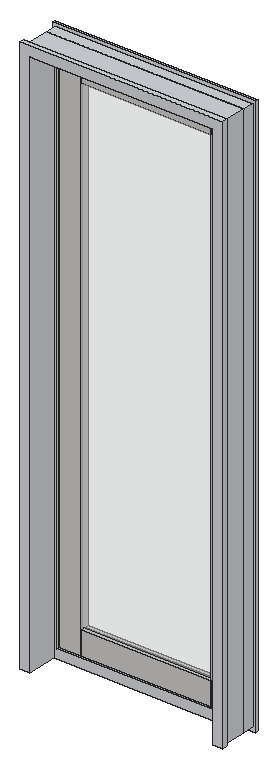
Revit family "APL Residential Thermal Heart Hinged Door Open In", category Doors, host Wall, Revit 2017 (continued)
Definition of nested family "APL Residential Thermal Heart Hinged Door Open In Horizontal Section"
  Definition of nested family "Open In Jamb&Hinge"
    Lines and regions (mm)
      detail lines, in view "Ref. Level"
        curve 56: line (45.421, -3.342, 0) -> (47.651, -3.342, 0)
        curve 57: line (47.852, -3.363, 0) -> (51.942, -4.204, 0)
        curve 58: line (52.939, -5.747, 0) -> (52.939, -6.842, 0)
        curve 59: line (51.939, -7.842, 0) -> (51.439, -7.842, 0)
        curve 60: line (51.439, -7.842, 0) -> (51.439, -12.791, 0)
        curve 61: line (51.116, -12.949, 0) -> (48.416, -11.599, 0)
        curve 62: line (48.354, -11.29, 0) -> (49.459, -10.006, 0)
        curve 63: arc (49.459, -10.006, 0) -> (49.592, -9.024, 0) -> (49.459, -8.042, 0) r 3.701
        curve 64: arc (51.116, -12.949, 0) -> (51.327, -12.971, 0) -> (51.439, -12.791, 0) r 0.2
        curve 65: arc (130.406, 37.44, 0) -> (130.546, 37.129, 0) -> (130.247, 36.967, 0) r 0.25
        curve 66: arc (120.359, 36.993, 0) -> (120.059, 37.156, 0) -> (120.199, 37.466, 0) r 0.25
        curve 67: line (130.247, 36.967, 0) -> (126.379, 37.961, 0)
        curve 68: line (126.379, 37.961, 0) -> (125.8, 36.958, 0)
        curve 69: line (125.8, 36.958, 0) -> (124.8, 36.958, 0)
        curve 70: line (124.8, 36.958, 0) -> (124.208, 37.983, 0)
        curve 71: line (124.208, 37.983, 0) -> (120.359, 36.993, 0)
        curve 72: line (120.199, 37.466, 0) -> (124.3, 39.19, 0)
        curve 73: line (124.3, 39.19, 0) -> (124.3, 40.458, 0)
        curve 74: line (124.3, 40.458, 0) -> (123.05, 40.458, 0)
        curve 75: line (123.05, 40.458, 0) -> (123.05, 41.458, 0)
        curve 76: line (123.05, 41.458, 0) -> (127.55, 41.458, 0)
        curve 77: line (127.55, 41.458, 0) -> (127.55, 40.458, 0)
        curve 78: line (127.55, 40.458, 0) -> (126.3, 40.458, 0)
        curve 79: line (126.3, 40.458, 0) -> (126.3, 39.166, 0)
        curve 80: line (126.3, 39.166, 0) -> (130.406, 37.44, 0)
    Nested families
      nested 1: "65210_Lock Stile" at (40.05, -3.342, 0) x (0, 1, 0) z (0, 0, 1), type "65210_Lock Stile", in view "Ref. Level"
      nested 2: "65300_Open In Frame" at (25.5, 0.7, 0) x (0, 1, 0) z (0, 0, 1), type "65300_Open In Frame", in view "Ref. Level"
    Definition of nested family "65210_Lock Stile"
      Reference planes
        plane 1 "Center (Front/Back)": y = 0
        plane 2: z = 0
        plane 3 "Center (Left/Right)": x = 0
      Lines and regions (mm)
        model lines, in view "Ref. Level"
          curve 1: arc (27.4, 64.45, 0) -> (27.272, 64.668, 0) -> (27.019, 64.663, 0) r 0.25
          curve 2: arc (26.934, 64.611, 0) -> (26.828, 64.479, 0) -> (26.831, 64.309, 0) r 0.25
          curve 3: arc (25.577, 63.544, 0) -> (25.502, 63.511, 0) -> (25.421, 63.5, 0) r 0.3
          curve 4: arc (24.9, 63.5, 0) -> (24.742, 63.578, 0) -> (24.706, 63.75, 0) r 0.2
          curve 5: arc (24.9, 67.753, 0) -> (24.874, 67.875, 0) -> (24.8, 67.976, 0) r 0.3
          curve 6: arc (24.8, 67.976, 0) -> (24.72, 68.307, 0) -> (25, 68.5, 0) r 0.3
          curve 7: arc (27.221, 67.957, 0) -> (27.31, 67.905, 0) -> (27.362, 67.816, 0) r 0.2
          curve 8: arc (27.407, 67.648, 0) -> (27.548, 67.507, 0) -> (27.741, 67.559, 0) r 0.2
          curve 9: arc (28.105, 67.922, 0) -> (28.165, 68.008, 0) -> (28.192, 68.108, 0) r 0.3
          curve 10: arc (28.399, 70.474, 0) -> (28.283, 70.738, 0) -> (27.997, 70.782, 0) r 0.3
          curve 11: arc (26.587, 70.268, 0) -> (26.461, 70.181, 0) -> (26.395, 70.043, 0) r 0.3
          curve 12: arc (26.395, 70.043, 0) -> (26.122, 69.801, 0) -> (25.817, 70, 0) r 0.3
          curve 13: arc (24.003, 70, 0) -> (23.295, 69.707, 0) -> (23.003, 69, 0) r 1
          curve 14: arc (23.003, 63.28, 0) -> (22.944, 63.139, 0) -> (22.803, 63.08, 0) r 0.2
          curve 15: arc (17.703, 63.08, 0) -> (17.561, 63.139, 0) -> (17.503, 63.28, 0) r 0.2
          curve 16: arc (17.503, 69, 0) -> (17.21, 69.707, 0) -> (16.503, 70, 0) r 1
          curve 17: arc (9.5, 70, 0) -> (9.359, 69.941, 0) -> (9.3, 69.8, 0) r 0.2
          curve 18: arc (9.3, 69.5, 0) -> (9.38, 69.2, 0) -> (9.6, 68.98, 0) r 0.6
          curve 19: arc (10.7, 68.345, 0) -> (10.773, 68.272, 0) -> (10.8, 68.172, 0) r 0.2
          curve 20: arc (10.8, 64.08, 0) -> (10.507, 63.373, 0) -> (9.8, 63.08, 0) r 1
          curve 21: arc (2.42, 63.08, 0) -> (1.721, 63.366, 0) -> (1.421, 64.06, 0) r 1
          curve 22: arc (1.322, 68.935, 0) -> (1.357, 69.052, 0) -> (1.453, 69.127, 0) r 0.2
          curve 23: arc (1.453, 69.127, 0) -> (1.621, 69.234, 0) -> (1.725, 69.403, 0) r 0.45
          curve 24: arc (1.725, 69.403, 0) -> (1.729, 69.522, 0) -> (1.665, 69.621, 0) r 0.2
          curve 25: arc (0.2, 70, 0) -> (0.059, 69.941, 0) -> (0, 69.8, 0) r 0.2
          curve 26: arc (0, 0.501, 0) -> (0.146, 0.147, 0) -> (0.5, 0, 0) r 0.5
          curve 27: arc (1, 0, 0) -> (1.354, 0.146, 0) -> (1.5, 0.5, 0) r 0.5
          curve 28: arc (1.5, 2.8, 0) -> (1.559, 2.941, 0) -> (1.7, 3, 0) r 0.2
          curve 29: arc (31.817, 3, 0) -> (32.122, 3.199, 0) -> (32.395, 2.957, 0) r 0.3
          curve 30: arc (32.395, 2.957, 0) -> (32.461, 2.819, 0) -> (32.587, 2.732, 0) r 0.3
          curve 31: arc (33.997, 2.218, 0) -> (34.283, 2.262, 0) -> (34.399, 2.526, 0) r 0.3
          curve 32: arc (34.192, 4.892, 0) -> (34.165, 4.992, 0) -> (34.105, 5.078, 0) r 0.3
          curve 33: arc (33.741, 5.441, 0) -> (33.548, 5.493, 0) -> (33.407, 5.352, 0) r 0.2
          curve 34: arc (33.362, 5.184, 0) -> (33.31, 5.095, 0) -> (33.221, 5.043, 0) r 0.2
          curve 35: arc (31, 4.5, 0) -> (30.72, 4.693, 0) -> (30.8, 5.024, 0) r 0.3
          curve 36: arc (30.8, 5.024, 0) -> (30.874, 5.125, 0) -> (30.9, 5.247, 0) r 0.3
          curve 37: arc (30.706, 9.25, 0) -> (30.742, 9.422, 0) -> (30.9, 9.5, 0) r 0.2
          curve 38: arc (31.421, 9.5, 0) -> (31.502, 9.489, 0) -> (31.577, 9.456, 0) r 0.3
          curve 39: arc (32.831, 8.691, 0) -> (32.828, 8.521, 0) -> (32.934, 8.389, 0) r 0.25
          curve 40: arc (33.02, 8.337, 0) -> (33.272, 8.332, 0) -> (33.4, 8.55, 0) r 0.25
          curve 41: arc (33.4, 11.2, 0) -> (33.341, 11.341, 0) -> (33.2, 11.4, 0) r 0.2
          curve 42: arc (30, 11.4, 0) -> (29.293, 11.107, 0) -> (29, 10.4, 0) r 1
          curve 43: arc (2.1, 4.6, 0) -> (1.746, 4.746, 0) -> (1.6, 5.1, 0) r 0.5
          curve 44: arc (1.6, 60.98, 0) -> (1.746, 61.334, 0) -> (2.1, 61.48, 0) r 0.5
          curve 45: arc (9.8, 61.48, 0) -> (11.638, 62.242, 0) -> (12.4, 64.08, 0) r 2.6
          curve 46: arc (12.4, 68.2, 0) -> (12.459, 68.341, 0) -> (12.6, 68.4, 0) r 0.2
          curve 47: arc (15.703, 68.4, 0) -> (15.844, 68.341, 0) -> (15.903, 68.2, 0) r 0.2
          curve 48: arc (15.903, 62, 0) -> (16.049, 61.646, 0) -> (16.403, 61.5, 0) r 0.5
          curve 49: arc (27.2, 61.5, 0) -> (27.341, 61.559, 0) -> (27.4, 61.7, 0) r 0.2
          curve 50: line (26.831, 64.309, 0) -> (25.577, 63.544, 0)
          curve 51: line (25.577, 63.544, 0) -> (24.9, 63.5, 0)
          curve 52: line (24.706, 63.75, 0) -> (24.894, 64.475, 0)
          curve 53: line (24.894, 64.475, 0) -> (24.9, 67.753, 0)
          curve 54: line (25.154, 68.5, 0) -> (27.221, 67.957, 0)
          curve 55: line (27.221, 67.957, 0) -> (27.407, 67.648, 0)
          curve 56: line (27.741, 67.559, 0) -> (28.105, 67.922, 0)
          curve 57: line (28.192, 68.108, 0) -> (28.399, 70.474, 0)
          curve 58: line (27.997, 70.782, 0) -> (26.587, 70.268, 0)
          curve 59: line (25.817, 70, 0) -> (24.003, 70, 0)
          curve 60: line (23.003, 69, 0) -> (23.003, 63.28, 0)
          curve 61: line (22.803, 63.08, 0) -> (17.703, 63.08, 0)
          curve 62: line (17.503, 63.28, 0) -> (17.503, 69, 0)
          curve 63: line (16.503, 70, 0) -> (9.5, 70, 0)
          curve 64: line (9.3, 69.8, 0) -> (9.3, 69.5, 0)
          curve 65: line (9.6, 68.98, 0) -> (10.7, 68.345, 0)
          curve 66: line (10.8, 68.172, 0) -> (10.8, 64.08, 0)
          curve 67: line (9.8, 63.08, 0) -> (2.42, 63.08, 0)
          curve 68: line (1.421, 64.06, 0) -> (1.322, 68.935, 0)
          curve 69: line (1.665, 69.621, 0) -> (1.269, 69.953, 0)
          curve 70: line (1.269, 69.953, 0) -> (0.2, 70, 0)
          curve 71: line (0, 69.8, 0) -> (0, 0.501, 0)
          curve 72: line (0.5, 0, 0) -> (1, 0, 0)
          curve 73: line (1.5, 0.5, 0) -> (1.5, 2.8, 0)
          curve 74: line (1.7, 3, 0) -> (17.6, 3, 0)
          curve 75: line (17.6, 3, 0) -> (18, 3.4, 0)
          curve 76: line (18, 3.4, 0) -> (18.4, 3, 0)
          curve 77: line (18.4, 3, 0) -> (19.6, 3, 0)
          curve 78: line (19.6, 3, 0) -> (20, 3.4, 0)
          curve 79: line (20, 3.4, 0) -> (20.4, 3, 0)
          curve 80: line (20.4, 3, 0) -> (31.817, 3, 0)
          curve 81: line (32.587, 2.732, 0) -> (33.997, 2.218, 0)
          curve 82: line (34.399, 2.526, 0) -> (34.192, 4.892, 0)
          curve 83: line (34.105, 5.078, 0) -> (33.741, 5.441, 0)
          curve 84: line (33.407, 5.352, 0) -> (33.362, 5.184, 0)
          curve 85: line (33.362, 5.184, 0) -> (31.232, 4.51, 0)
          curve 86: line (31.232, 4.51, 0) -> (31, 4.5, 0)
          curve 87: line (30.9, 5.247, 0) -> (30.9, 8.475, 0)
          curve 88: line (30.9, 8.475, 0) -> (30.706, 9.25, 0)
          curve 89: line (30.9, 9.5, 0) -> (31.421, 9.5, 0)
          curve 90: line (31.421, 9.5, 0) -> (32.831, 8.691, 0)
          curve 91: line (33.4, 8.55, 0) -> (33.4, 11.2, 0)
          curve 92: line (33.2, 11.4, 0) -> (30, 11.4, 0)
          curve 93: line (29, 10.4, 0) -> (29, 5.8, 0)
          curve 94: line (29, 5.8, 0) -> (23.5, 5.8, 0)
          curve 95: line (23.5, 5.8, 0) -> (22.3, 4.6, 0)
          curve 96: line (22.3, 4.6, 0) -> (15.7, 4.6, 0)
          curve 97: line (15.7, 4.6, 0) -> (14.5, 5.8, 0)
          curve 98: line (14.5, 5.8, 0) -> (9.5, 5.8, 0)
          curve 99: line (9.5, 5.8, 0) -> (8.3, 4.6, 0)
          curve 100: line (8.3, 4.6, 0) -> (2.1, 4.6, 0)
          curve 101: line (1.6, 5.1, 0) -> (1.6, 60.98, 0)
          curve 102: line (2.1, 61.48, 0) -> (9.8, 61.48, 0)
          curve 103: line (12.4, 64.08, 0) -> (12.4, 68.2, 0)
          curve 104: line (12.6, 68.4, 0) -> (15.703, 68.4, 0)
          curve 105: line (15.903, 68.2, 0) -> (15.903, 62, 0)
          curve 106: line (16.403, 61.5, 0) -> (19.603, 61.5, 0)
          curve 107: line (19.603, 61.5, 0) -> (20.003, 61.9, 0)
          curve 108: line (20.003, 61.9, 0) -> (20.403, 61.5, 0)
          curve 109: line (20.403, 61.5, 0) -> (27.2, 61.5, 0)
          curve 110: line (27.4, 61.7, 0) -> (27.4, 64.45, 0)
          curve 111: line (27.4, 64.45, 0) -> (27.4, 63.6, 0)
          curve 112: arc (41, 62.874, 0) -> (41.128, 62.385, 0) -> (41.479, 62.021, 0) r 1
          curve 113: arc (42.049, 61.673, 0) -> (42.174, 61.619, 0) -> (42.309, 61.6, 0) r 0.5
          curve 114: arc (44.9, 61.6, 0) -> (45.254, 61.746, 0) -> (45.4, 62.1, 0) r 0.5
          curve 115: arc (45.4, 68.091, 0) -> (45.455, 68.318, 0) -> (45.608, 68.496, 0) r 0.5
          curve 116: arc (45.608, 68.496, 0) -> (45.836, 68.687, 0) -> (46.035, 68.908, 0) r 2.1
          curve 117: arc (46.035, 68.908, 0) -> (46.21, 69.049, 0) -> (46.429, 69.1, 0) r 0.5
          curve 118: arc (49.6, 69.1, 0) -> (49.954, 68.954, 0) -> (50.1, 68.6, 0) r 0.5
          curve 119: arc (50.1, 15.4, 0) -> (49.954, 15.046, 0) -> (49.6, 14.9, 0) r 0.5
          curve 120: arc (45.3, 14.9, 0) -> (45.159, 14.841, 0) -> (45.1, 14.7, 0) r 0.2
          curve 121: arc (45.1, 13.1, 0) -> (45.159, 12.959, 0) -> (45.3, 12.9, 0) r 0.2
          curve 122: arc (49.9, 12.9, 0) -> (50.041, 12.841, 0) -> (50.1, 12.7, 0) r 0.2
          curve 123: arc (50.1, 11.7, 0) -> (50.041, 11.559, 0) -> (49.9, 11.5, 0) r 0.2
          curve 124: arc (48.473, 11.5, 0) -> (48.338, 11.481, 0) -> (48.212, 11.427, 0) r 0.5
          curve 125: arc (47.479, 10.979, 0) -> (47.128, 10.615, 0) -> (47, 10.126, 0) r 1
          curve 126: arc (47, 8.55, 0) -> (47.128, 8.332, 0) -> (47.38, 8.337, 0) r 0.25
          curve 127: arc (47.466, 8.389, 0) -> (47.572, 8.521, 0) -> (47.569, 8.691, 0) r 0.25
          curve 128: arc (48.823, 9.456, 0) -> (48.898, 9.489, 0) -> (48.979, 9.5, 0) r 0.3
          curve 129: arc (49.5, 9.5, 0) -> (49.658, 9.422, 0) -> (49.694, 9.25, 0) r 0.2
          curve 130: arc (49.5, 5.247, 0) -> (49.526, 5.125, 0) -> (49.6, 5.024, 0) r 0.3
          curve 131: arc (49.6, 5.024, 0) -> (49.68, 4.693, 0) -> (49.4, 4.5, 0) r 0.3
          curve 132: arc (47.179, 5.043, 0) -> (47.09, 5.095, 0) -> (47.038, 5.184, 0) r 0.2
          curve 133: arc (46.993, 5.352, 0) -> (46.852, 5.493, 0) -> (46.659, 5.441, 0) r 0.2
          curve 134: arc (46.295, 5.078, 0) -> (46.235, 4.992, 0) -> (46.208, 4.892, 0) r 0.3
          curve 135: arc (46.001, 2.526, 0) -> (46.117, 2.262, 0) -> (46.403, 2.218, 0) r 0.3
          curve 136: arc (47.813, 2.732, 0) -> (47.939, 2.819, 0) -> (48.005, 2.957, 0) r 0.3
          curve 137: arc (48.005, 2.957, 0) -> (48.278, 3.199, 0) -> (48.583, 3, 0) r 0.3
          curve 138: arc (50.5, 0.5, 0) -> (50.646, 0.146, 0) -> (51, 0, 0) r 0.5
          curve 139: arc (51.5, 0, 0) -> (51.854, 0.146, 0) -> (52, 0.5, 0) r 0.5
          curve 140: arc (52, 89.2, 0) -> (51.8, 89.4, 0) -> (51.6, 89.2, 0) r 0.2
          curve 141: arc (43, 89, 0) -> (42.646, 88.854, 0) -> (42.5, 88.5, 0) r 0.5
          curve 142: arc (42.5, 87.25, 0) -> (43, 86.75, 0) -> (43.5, 87.25, 0) r 0.5
          curve 143: arc (43.5, 87.8, 0) -> (43.559, 87.941, 0) -> (43.7, 88, 0) r 0.2
          curve 144: arc (44.8, 88, 0) -> (44.941, 87.941, 0) -> (45, 87.8, 0) r 0.2
          curve 145: arc (45, 82.7, 0) -> (44.941, 82.559, 0) -> (44.8, 82.5, 0) r 0.2
          curve 146: arc (43.7, 82.5, 0) -> (43.559, 82.559, 0) -> (43.5, 82.7, 0) r 0.2
          curve 147: arc (43.5, 83.25, 0) -> (43, 83.75, 0) -> (42.5, 83.25, 0) r 0.5
          curve 148: arc (42.5, 81.7, 0) -> (42.559, 81.559, 0) -> (42.7, 81.5, 0) r 0.2
          curve 149: arc (46, 81.5, 0) -> (46.354, 81.646, 0) -> (46.5, 82, 0) r 0.5
          curve 150: arc (46.5, 87, 0) -> (46.646, 87.354, 0) -> (47, 87.5, 0) r 0.5
          curve 151: arc (49.6, 87.5, 0) -> (49.954, 87.354, 0) -> (50.1, 87, 0) r 0.5
          curve 152: arc (50.1, 71.5, 0) -> (49.954, 71.146, 0) -> (49.6, 71, 0) r 0.5
          curve 153: arc (44.78, 71, 0) -> (44.639, 70.941, 0) -> (44.58, 70.8, 0) r 0.2
          curve 154: arc (44.58, 70.2, 0) -> (44.521, 70.059, 0) -> (44.38, 70, 0) r 0.2
          curve 155: arc (42.583, 70, 0) -> (42.278, 69.801, 0) -> (42.005, 70.043, 0) r 0.3
          curve 156: arc (42.005, 70.043, 0) -> (41.939, 70.181, 0) -> (41.813, 70.268, 0) r 0.3
          curve 157: arc (40.403, 70.782, 0) -> (40.117, 70.738, 0) -> (40.001, 70.474, 0) r 0.3
          curve 158: arc (40.208, 68.108, 0) -> (40.235, 68.008, 0) -> (40.295, 67.922, 0) r 0.3
          curve 159: arc (40.659, 67.559, 0) -> (40.852, 67.507, 0) -> (40.993, 67.648, 0) r 0.2
          curve 160: arc (41.038, 67.816, 0) -> (41.09, 67.905, 0) -> (41.179, 67.957, 0) r 0.2
          curve 161: arc (43.4, 68.5, 0) -> (43.68, 68.307, 0) -> (43.6, 67.976, 0) r 0.3
          curve 162: arc (43.6, 67.976, 0) -> (43.526, 67.875, 0) -> (43.5, 67.753, 0) r 0.3
          curve 163: arc (43.694, 63.75, 0) -> (43.658, 63.578, 0) -> (43.5, 63.5, 0) r 0.2
          curve 164: arc (42.979, 63.5, 0) -> (42.898, 63.511, 0) -> (42.823, 63.544, 0) r 0.3
          curve 165: arc (41.569, 64.309, 0) -> (41.572, 64.479, 0) -> (41.466, 64.611, 0) r 0.25
          curve 166: line (41, 64.45, 0) -> (41, 62.874, 0)
          curve 167: line (41.479, 62.021, 0) -> (42.049, 61.673, 0)
          curve 168: line (42.309, 61.6, 0) -> (44.9, 61.6, 0)
          curve 169: line (45.4, 62.1, 0) -> (45.4, 68.091, 0)
          curve 170: line (46.429, 69.1, 0) -> (49.6, 69.1, 0)
          curve 171: line (50.1, 68.6, 0) -> (50.1, 15.4, 0)
          curve 172: line (49.6, 14.9, 0) -> (45.3, 14.9, 0)
          curve 173: line (45.1, 14.7, 0) -> (45.1, 13.1, 0)
          curve 174: line (45.3, 12.9, 0) -> (49.9, 12.9, 0)
          curve 175: line (50.1, 12.7, 0) -> (50.1, 11.7, 0)
          curve 176: line (49.9, 11.5, 0) -> (48.473, 11.5, 0)
          curve 177: line (48.212, 11.427, 0) -> (47.479, 10.979, 0)
          curve 178: line (47, 10.126, 0) -> (47, 8.55, 0)
          curve 179: line (47.569, 8.691, 0) -> (48.823, 9.456, 0)
          curve 180: line (48.823, 9.456, 0) -> (49.5, 9.5, 0)
          curve 181: line (49.694, 9.25, 0) -> (49.506, 8.525, 0)
          curve 182: line (49.506, 8.525, 0) -> (49.5, 5.247, 0)
          curve 183: line (49.246, 4.5, 0) -> (47.179, 5.043, 0)
          curve 184: line (47.179, 5.043, 0) -> (46.993, 5.352, 0)
          curve 185: line (46.659, 5.441, 0) -> (46.295, 5.078, 0)
          curve 186: line (46.208, 4.892, 0) -> (46.001, 2.526, 0)
          curve 187: line (46.403, 2.218, 0) -> (47.813, 2.732, 0)
          curve 188: line (48.583, 3, 0) -> (50.5, 3, 0)
          curve 189: line (50.5, 3, 0) -> (50.5, 0.5, 0)
          curve 190: line (51, 0, 0) -> (51.5, 0, 0)
          curve 191: line (52, 0.5, 0) -> (52, 89.2, 0)
          curve 192: line (51.6, 89.2, 0) -> (51.6, 89, 0)
          curve 193: line (51.6, 89, 0) -> (43, 89, 0)
          curve 194: line (42.5, 88.5, 0) -> (42.5, 87.25, 0)
          curve 195: line (43.5, 87.25, 0) -> (43.5, 87.8, 0)
          curve 196: line (43.7, 88, 0) -> (44.8, 88, 0)
          curve 197: line (45, 87.8, 0) -> (45, 82.7, 0)
          curve 198: line (44.8, 82.5, 0) -> (43.7, 82.5, 0)
          curve 199: line (43.5, 82.7, 0) -> (43.5, 83.25, 0)
          curve 200: line (42.5, 83.25, 0) -> (42.5, 81.7, 0)
          curve 201: line (42.7, 81.5, 0) -> (46, 81.5, 0)
          curve 202: line (46.5, 82, 0) -> (46.5, 87, 0)
          curve 203: line (47, 87.5, 0) -> (49.6, 87.5, 0)
          curve 204: line (50.1, 87, 0) -> (50.1, 71.5, 0)
          curve 205: line (49.6, 71, 0) -> (44.78, 71, 0)
          curve 206: line (44.58, 70.8, 0) -> (44.58, 70.2, 0)
          curve 207: line (44.38, 70, 0) -> (42.583, 70, 0)
          curve 208: line (41.813, 70.268, 0) -> (40.403, 70.782, 0)
          curve 209: line (40.001, 70.474, 0) -> (40.208, 68.108, 0)
          curve 210: line (40.295, 67.922, 0) -> (40.659, 67.559, 0)
          curve 211: line (40.993, 67.648, 0) -> (41.038, 67.816, 0)
          curve 212: line (41.038, 67.816, 0) -> (43.168, 68.49, 0)
          curve 213: line (43.168, 68.49, 0) -> (43.4, 68.5, 0)
          curve 214: line (43.5, 67.753, 0) -> (43.5, 64.525, 0)
          curve 215: line (43.5, 64.525, 0) -> (43.694, 63.75, 0)
          curve 216: line (43.5, 63.5, 0) -> (42.979, 63.5, 0)
          curve 217: line (42.979, 63.5, 0) -> (41.569, 64.309, 0)
          curve 218: arc (41.38, 64.663, 0) -> (41.128, 64.668, 0) -> (41, 64.45, 0) r 0.25
          curve 219: arc (30.9, 8.561, 0) -> (31.017, 8.844, 0) -> (31.3, 8.961, 0) r 0.4
          curve 220: arc (31.593, 8.961, 0) -> (31.696, 8.947, 0) -> (31.793, 8.907, 0) r 0.4
          curve 221: arc (33.321, 8.022, 0) -> (33.611, 7.902, 0) -> (33.922, 7.861, 0) r 1.2
          curve 222: arc (34.845, 7.861, 0) -> (35.418, 7.68, 0) -> (35.784, 7.203, 0) r 1
          curve 223: arc (36.577, 5.024, 0) -> (36.724, 4.833, 0) -> (36.953, 4.761, 0) r 0.4
          curve 224: arc (43.447, 4.761, 0) -> (43.676, 4.833, 0) -> (43.823, 5.024, 0) r 0.4
          curve 225: arc (44.616, 7.203, 0) -> (44.982, 7.68, 0) -> (45.555, 7.861, 0) r 1
          curve 226: arc (46.478, 7.861, 0) -> (46.789, 7.902, 0) -> (47.079, 8.022, 0) r 1.2
          curve 227: arc (48.607, 8.907, 0) -> (48.704, 8.947, 0) -> (48.807, 8.961, 0) r 0.4
          curve 228: arc (49.1, 8.961, 0) -> (49.383, 8.844, 0) -> (49.5, 8.561, 0) r 0.4
          curve 229: arc (49.5, 5.161, 0) -> (49.383, 4.878, 0) -> (49.1, 4.761, 0) r 0.4
          curve 230: arc (48.807, 4.761, 0) -> (48.704, 4.775, 0) -> (48.607, 4.815, 0) r 0.4
          curve 231: arc (47.079, 5.699, 0) -> (46.785, 5.821, 0) -> (46.47, 5.861, 0) r 1.2
          curve 232: arc (46.47, 5.861, 0) -> (46.295, 5.808, 0) -> (46.184, 5.664, 0) r 0.3
          curve 233: arc (45.296, 3.224, 0) -> (45.149, 3.033, 0) -> (44.92, 2.961, 0) r 0.4
          curve 234: arc (35.48, 2.961, 0) -> (35.251, 3.033, 0) -> (35.104, 3.224, 0) r 0.4
          curve 235: arc (34.216, 5.664, 0) -> (34.105, 5.808, 0) -> (33.93, 5.861, 0) r 0.3
          curve 236: arc (33.93, 5.861, 0) -> (33.615, 5.821, 0) -> (33.321, 5.699, 0) r 1.2
          curve 237: arc (31.793, 4.815, 0) -> (31.696, 4.775, 0) -> (31.593, 4.761, 0) r 0.4
          curve 238: arc (31.3, 4.761, 0) -> (31.017, 4.878, 0) -> (30.9, 5.161, 0) r 0.4
          curve 239: line (31.3, 8.961, 0) -> (31.593, 8.961, 0)
          curve 240: line (31.793, 8.907, 0) -> (33.321, 8.022, 0)
          curve 241: line (33.922, 7.861, 0) -> (34.845, 7.861, 0)
          curve 242: line (35.784, 7.203, 0) -> (36.577, 5.024, 0)
          curve 243: line (36.953, 4.761, 0) -> (43.447, 4.761, 0)
          curve 244: line (43.823, 5.024, 0) -> (44.616, 7.203, 0)
          curve 245: line (45.555, 7.861, 0) -> (46.478, 7.861, 0)
          curve 246: line (47.079, 8.022, 0) -> (48.607, 8.907, 0)
          curve 247: line (48.807, 8.961, 0) -> (49.1, 8.961, 0)
          curve 248: line (49.5, 8.561, 0) -> (49.5, 5.161, 0)
          curve 249: line (49.1, 4.761, 0) -> (48.807, 4.761, 0)
          curve 250: line (48.607, 4.815, 0) -> (47.079, 5.699, 0)
          curve 251: line (46.184, 5.664, 0) -> (45.296, 3.224, 0)
          curve 252: line (44.92, 2.961, 0) -> (35.48, 2.961, 0)
          curve 253: line (35.104, 3.224, 0) -> (34.216, 5.664, 0)
          curve 254: line (33.321, 5.699, 0) -> (31.793, 4.815, 0)
          curve 255: line (31.593, 4.761, 0) -> (31.3, 4.761, 0)
          curve 256: line (30.9, 5.161, 0) -> (30.9, 8.561, 0)
          curve 257: arc (24.9, 64.439, 0) -> (25.017, 64.156, 0) -> (25.3, 64.039, 0) r 0.4
          curve 258: arc (25.593, 64.039, 0) -> (25.696, 64.053, 0) -> (25.793, 64.093, 0) r 0.4
          curve 259: arc (27.321, 64.978, 0) -> (27.611, 65.098, 0) -> (27.922, 65.139, 0) r 1.2
          curve 260: arc (28.845, 65.139, 0) -> (29.418, 65.32, 0) -> (29.784, 65.797, 0) r 1
          curve 261: arc (30.577, 67.976, 0) -> (30.724, 68.167, 0) -> (30.953, 68.239, 0) r 0.4
          curve 262: arc (37.447, 68.239, 0) -> (37.676, 68.167, 0) -> (37.823, 67.976, 0) r 0.4
          curve 263: arc (38.616, 65.797, 0) -> (38.982, 65.32, 0) -> (39.555, 65.139, 0) r 1
          curve 264: arc (40.478, 65.139, 0) -> (40.789, 65.098, 0) -> (41.079, 64.978, 0) r 1.2
          curve 265: arc (42.607, 64.093, 0) -> (42.704, 64.053, 0) -> (42.807, 64.039, 0) r 0.4
          curve 266: arc (43.1, 64.039, 0) -> (43.383, 64.156, 0) -> (43.5, 64.439, 0) r 0.4
          curve 267: arc (43.5, 67.839, 0) -> (43.383, 68.122, 0) -> (43.1, 68.239, 0) r 0.4
          curve 268: arc (42.807, 68.239, 0) -> (42.704, 68.225, 0) -> (42.607, 68.185, 0) r 0.4
          curve 269: arc (41.079, 67.301, 0) -> (40.785, 67.179, 0) -> (40.47, 67.139, 0) r 1.2
          curve 270: arc (40.47, 67.139, 0) -> (40.295, 67.192, 0) -> (40.184, 67.336, 0) r 0.3
          curve 271: arc (39.296, 69.776, 0) -> (39.149, 69.967, 0) -> (38.92, 70.039, 0) r 0.4
          curve 272: arc (29.48, 70.039, 0) -> (29.251, 69.967, 0) -> (29.104, 69.776, 0) r 0.4
          curve 273: arc (28.216, 67.336, 0) -> (28.105, 67.192, 0) -> (27.93, 67.139, 0) r 0.3
          curve 274: arc (27.93, 67.139, 0) -> (27.615, 67.179, 0) -> (27.321, 67.301, 0) r 1.2
          curve 275: arc (25.793, 68.185, 0) -> (25.696, 68.225, 0) -> (25.593, 68.239, 0) r 0.4
          curve 276: arc (25.3, 68.239, 0) -> (25.017, 68.122, 0) -> (24.9, 67.839, 0) r 0.4
          curve 277: line (25.3, 64.039, 0) -> (25.593, 64.039, 0)
          curve 278: line (25.793, 64.093, 0) -> (27.321, 64.978, 0)
          curve 279: line (27.922, 65.139, 0) -> (28.845, 65.139, 0)
          curve 280: line (29.784, 65.797, 0) -> (30.577, 67.976, 0)
          curve 281: line (30.953, 68.239, 0) -> (37.447, 68.239, 0)
          curve 282: line (37.823, 67.976, 0) -> (38.616, 65.797, 0)
          curve 283: line (39.555, 65.139, 0) -> (40.478, 65.139, 0)
          curve 284: line (41.079, 64.978, 0) -> (42.607, 64.093, 0)
          curve 285: line (42.807, 64.039, 0) -> (43.1, 64.039, 0)
          curve 286: line (43.5, 64.439, 0) -> (43.5, 67.839, 0)
          curve 287: line (43.1, 68.239, 0) -> (42.807, 68.239, 0)
          curve 288: line (42.607, 68.185, 0) -> (41.079, 67.301, 0)
          curve 289: line (40.184, 67.336, 0) -> (39.296, 69.776, 0)
          curve 290: line (38.92, 70.039, 0) -> (29.48, 70.039, 0)
          curve 291: line (29.104, 69.776, 0) -> (28.216, 67.336, 0)
          curve 292: line (27.321, 67.301, 0) -> (25.793, 68.185, 0)
          curve 293: line (25.593, 68.239, 0) -> (25.3, 68.239, 0)
          curve 294: line (24.9, 67.839, 0) -> (24.9, 64.439, 0)
      Text (mm)
        text "65210" at (8.097, 105.51, 0), in view "Ref. Level"
    Definition of nested family "65300_Open In Frame"
      Reference planes
        plane 1 "Center (Front/Back)": y = 0
        plane 2: z = 0
        plane 3 "Center (Left/Right)": x = 0
      Lines and regions (mm)
        model lines, in view "Ref. Level"
          curve 1: arc (41.813, -11.527, 0) -> (41.517, -11.698, 0) -> (41.4, -12.02, 0) r 0.5
          curve 2: arc (41.4, -13.4, 0) -> (41.341, -13.541, 0) -> (41.2, -13.6, 0) r 0.2
          curve 3: arc (16.255, -13.6, 0) -> (16.114, -13.541, 0) -> (16.055, -13.4, 0) r 0.2
          curve 4: arc (16.055, -8.6, 0) -> (16.114, -8.459, 0) -> (16.255, -8.4, 0) r 0.2
          curve 5: arc (16.9, -8.4, 0) -> (17.961, -7.961, 0) -> (18.4, -6.9, 0) r 1.5
          curve 6: arc (18.4, -2.6, 0) -> (18.459, -2.459, 0) -> (18.6, -2.4, 0) r 0.2
          curve 7: arc (23.2, -2.4, 0) -> (23.341, -2.341, 0) -> (23.4, -2.2, 0) r 0.2
          curve 8: arc (23.4, -1.6, 0) -> (23.459, -1.459, 0) -> (23.6, -1.4, 0) r 0.2
          curve 9: arc (33.4, -1.4, 0) -> (33.541, -1.459, 0) -> (33.6, -1.6, 0) r 0.2
          curve 10: arc (33.6, -2.2, 0) -> (33.659, -2.341, 0) -> (33.8, -2.4, 0) r 0.2
          curve 11: arc (38.4, -2.4, 0) -> (38.541, -2.341, 0) -> (38.6, -2.2, 0) r 0.2
          curve 12: arc (38.6, -1.6, 0) -> (38.659, -1.459, 0) -> (38.8, -1.4, 0) r 0.2
          curve 13: arc (39.375, -1.4, 0) -> (39.996, -1.318, 0) -> (40.575, -1.078, 0) r 2.4
          curve 14: arc (48.4, 2.4, 0) -> (48.541, 2.341, 0) -> (48.6, 2.2, 0) r 0.2
          curve 15: arc (48.6, -2.8, 0) -> (48.454, -3.154, 0) -> (48.1, -3.3, 0) r 0.5
          curve 16: arc (46, -3.3, 0) -> (45.01, -3.71, 0) -> (44.6, -4.7, 0) r 1.4
          curve 17: arc (44.6, -10.616, 0) -> (44.483, -10.938, 0) -> (44.187, -11.109, 0) r 0.5
          curve 18: arc (16.4, -1.5, 0) -> (16.68, -1.693, 0) -> (16.6, -2.024, 0) r 0.3
          curve 19: arc (16.6, -2.024, 0) -> (16.526, -2.125, 0) -> (16.5, -2.247, 0) r 0.3
          curve 20: arc (16.694, -6.25, 0) -> (16.658, -6.422, 0) -> (16.5, -6.5, 0) r 0.2
          curve 21: arc (15.979, -6.5, 0) -> (15.898, -6.489, 0) -> (15.823, -6.456, 0) r 0.3
          curve 22: arc (14.569, -5.691, 0) -> (14.572, -5.521, 0) -> (14.466, -5.389, 0) r 0.25
          curve 23: arc (14.38, -5.337, 0) -> (14.15, -5.321, 0) -> (14.005, -5.5, 0) r 0.25
          curve 24: arc (13.755, -5.5, 0) -> (13.614, -5.559, 0) -> (13.555, -5.7, 0) r 0.2
          curve 25: arc (13.555, -7.186, 0) -> (13.581, -7.284, 0) -> (13.651, -7.356, 0) r 0.2
          curve 26: arc (14.059, -7.606, 0) -> (14.129, -7.679, 0) -> (14.155, -7.776, 0) r 0.2
          curve 27: arc (15.056, -16.445, 0) -> (15.361, -16.746, 0) -> (15.787, -16.701, 0) r 0.5
          curve 28: arc (15.924, -16.617, 0) -> (16.074, -16.697, 0) -> (16.24, -16.663, 0) r 0.25
          curve 29: arc (16.326, -16.611, 0) -> (16.432, -16.479, 0) -> (16.429, -16.309, 0) r 0.25
          curve 30: arc (17.682, -15.544, 0) -> (17.758, -15.511, 0) -> (17.839, -15.5, 0) r 0.3
          curve 31: arc (18.36, -15.5, 0) -> (18.518, -15.578, 0) -> (18.554, -15.75, 0) r 0.2
          curve 32: arc (18.36, -19.753, 0) -> (18.386, -19.875, 0) -> (18.46, -19.976, 0) r 0.3
          curve 33: arc (18.46, -19.976, 0) -> (18.54, -20.307, 0) -> (18.26, -20.5, 0) r 0.3
          curve 34: arc (16.039, -19.957, 0) -> (15.95, -19.905, 0) -> (15.898, -19.816, 0) r 0.2
          curve 35: arc (15.853, -19.648, 0) -> (15.712, -19.507, 0) -> (15.519, -19.559, 0) r 0.2
          curve 36: arc (15.155, -19.922, 0) -> (15.095, -20.008, 0) -> (15.068, -20.108, 0) r 0.3
          curve 37: arc (14.861, -22.474, 0) -> (14.977, -22.738, 0) -> (15.263, -22.782, 0) r 0.3
          curve 38: arc (16.673, -22.268, 0) -> (16.799, -22.181, 0) -> (16.865, -22.043, 0) r 0.3
          curve 39: arc (16.865, -22.043, 0) -> (17.138, -21.801, 0) -> (17.443, -22, 0) r 0.3
          curve 40: arc (19.76, -22, 0) -> (20.114, -21.854, 0) -> (20.26, -21.5, 0) r 0.5
          curve 41: arc (20.26, -15.2, 0) -> (20.319, -15.059, 0) -> (20.46, -15, 0) r 0.2
          curve 42: arc (24.707, -15.057, 0) -> (24.868, -15.163, 0) -> (25.057, -15.2, 0) r 0.5
          curve 43: arc (34.743, -15.2, 0) -> (34.932, -15.164, 0) -> (35.093, -15.057, 0) r 0.485
          curve 44: arc (41.4, -15, 0) -> (42.39, -14.59, 0) -> (42.8, -13.6, 0) r 1.4
          curve 45: arc (42.8, -13.194, 0) -> (42.917, -12.873, 0) -> (43.213, -12.702, 0) r 0.5
          curve 46: arc (44.013, -12.561, 0) -> (44.421, -12.67, 0) -> (44.6, -13.053, 0) r 0.5
          curve 47: arc (44.6, -24.2, 0) -> (44.981, -25.119, 0) -> (45.9, -25.5, 0) r 1.3
          curve 48: arc (55.35, -25.5, 0) -> (56, -24.85, 0) -> (55.35, -24.2, 0) r 0.65
          curve 49: arc (49.5, -4.7, 0) -> (49.854, -4.554, 0) -> (50, -4.2, 0) r 0.5
          curve 50: arc (50, 7.5, 0) -> (49.707, 8.207, 0) -> (49, 8.5, 0) r 1
          curve 51: arc (46.6, 8.5, 0) -> (45.893, 8.207, 0) -> (45.6, 7.5, 0) r 1
          curve 52: arc (45.6, 7.4, 0) -> (45.688, 7.188, 0) -> (45.9, 7.1, 0) r 0.3
          curve 53: arc (48.4, 7.1, 0) -> (48.541, 7.041, 0) -> (48.6, 6.9, 0) r 0.2
          curve 54: arc (48.6, 4, 0) -> (48.541, 3.859, 0) -> (48.4, 3.8, 0) r 0.2
          curve 55: arc (46.6, 3.8, 0) -> (46.238, 3.752, 0) -> (45.9, 3.612, 0) r 1.4
          curve 56: arc (39.875, 0.134, 0) -> (39.634, 0.034, 0) -> (39.375, 0, 0) r 1
          curve 57: arc (15.583, 0, 0) -> (15.278, -0.199, 0) -> (15.005, 0.043, 0) r 0.3
          curve 58: arc (15.005, 0.043, 0) -> (14.939, 0.181, 0) -> (14.813, 0.268, 0) r 0.3
          curve 59: arc (13.403, 0.782, 0) -> (13.117, 0.738, 0) -> (13.001, 0.474, 0) r 0.3
          curve 60: arc (13.208, -1.892, 0) -> (13.235, -1.992, 0) -> (13.295, -2.078, 0) r 0.3
          curve 61: arc (13.659, -2.441, 0) -> (13.852, -2.493, 0) -> (13.993, -2.352, 0) r 0.2
          curve 62: line (41.4, -12.02, 0) -> (41.4, -13.4, 0)
          curve 63: line (41.2, -13.6, 0) -> (16.255, -13.6, 0)
          curve 64: line (16.055, -13.4, 0) -> (16.055, -8.6, 0)
          curve 65: line (16.255, -8.4, 0) -> (16.9, -8.4, 0)
          curve 66: line (18.4, -6.9, 0) -> (18.4, -2.6, 0)
          curve 67: line (18.6, -2.4, 0) -> (23.2, -2.4, 0)
          curve 68: line (23.4, -2.2, 0) -> (23.4, -1.6, 0)
          curve 69: line (23.6, -1.4, 0) -> (33.4, -1.4, 0)
          curve 70: line (33.6, -1.6, 0) -> (33.6, -2.2, 0)
          curve 71: line (33.8, -2.4, 0) -> (38.4, -2.4, 0)
          curve 72: line (38.6, -2.2, 0) -> (38.6, -1.6, 0)
          curve 73: line (38.8, -1.4, 0) -> (39.375, -1.4, 0)
          curve 74: line (40.575, -1.078, 0) -> (46.554, 2.373, 0)
          curve 75: line (46.554, 2.373, 0) -> (48.4, 2.4, 0)
          curve 76: line (48.6, 2.2, 0) -> (48.6, -2.8, 0)
          curve 77: line (48.1, -3.3, 0) -> (46, -3.3, 0)
          curve 78: line (44.6, -4.7, 0) -> (44.6, -10.616, 0)
          curve 79: line (44.187, -11.109, 0) -> (41.813, -11.527, 0)
          curve 80: line (13.993, -2.352, 0) -> (14.179, -2.043, 0)
          curve 81: line (14.179, -2.043, 0) -> (16.168, -1.51, 0)
          curve 82: line (16.168, -1.51, 0) -> (16.4, -1.5, 0)
          curve 83: line (16.5, -2.247, 0) -> (16.5, -5.475, 0)
          curve 84: line (16.5, -5.475, 0) -> (16.694, -6.25, 0)
          curve 85: line (16.5, -6.5, 0) -> (15.979, -6.5, 0)
          curve 86: line (15.979, -6.5, 0) -> (14.569, -5.691, 0)
          curve 87: line (14.005, -5.5, 0) -> (13.755, -5.5, 0)
          curve 88: line (13.555, -5.7, 0) -> (13.555, -7.186, 0)
          curve 89: line (13.651, -7.356, 0) -> (14.059, -7.606, 0)
          curve 90: line (14.155, -7.776, 0) -> (14.155, -13.934, 0)
          curve 91: line (14.155, -13.934, 0) -> (15.056, -16.445, 0)
          curve 92: line (15.787, -16.701, 0) -> (15.924, -16.617, 0)
          curve 93: line (16.429, -16.309, 0) -> (17.682, -15.544, 0)
          curve 94: line (17.682, -15.544, 0) -> (18.36, -15.5, 0)
          curve 95: line (18.554, -15.75, 0) -> (18.366, -16.475, 0)
          curve 96: line (18.366, -16.475, 0) -> (18.36, -19.753, 0)
          curve 97: line (18.106, -20.5, 0) -> (16.039, -19.957, 0)
          curve 98: line (16.039, -19.957, 0) -> (15.853, -19.648, 0)
          curve 99: line (15.519, -19.559, 0) -> (15.155, -19.922, 0)
          curve 100: line (15.068, -20.108, 0) -> (14.861, -22.474, 0)
          curve 101: line (15.263, -22.782, 0) -> (16.673, -22.268, 0)
          curve 102: line (17.443, -22, 0) -> (19.76, -22, 0)
          curve 103: line (20.26, -21.5, 0) -> (20.26, -15.2, 0)
          curve 104: line (20.46, -15, 0) -> (24.567, -15, 0)
          curve 105: line (25.057, -15.2, 0) -> (29.5, -15.2, 0)
          curve 106: line (29.5, -15.2, 0) -> (29.9, -14.8, 0)
          curve 107: line (29.9, -14.8, 0) -> (30.3, -15.2, 0)
          curve 108: line (30.3, -15.2, 0) -> (34.743, -15.2, 0)
          curve 109: line (35.233, -15, 0) -> (41.4, -15, 0)
          curve 110: line (42.8, -13.6, 0) -> (42.8, -13.194, 0)
          curve 111: line (43.213, -12.702, 0) -> (44.013, -12.561, 0)
          curve 112: line (44.6, -13.053, 0) -> (44.6, -24.2, 0)
          curve 113: line (45.9, -25.5, 0) -> (47.7, -25.5, 0)
          curve 114: line (47.7, -25.5, 0) -> (48, -25.2, 0)
          curve 115: line (48, -25.2, 0) -> (53.25, -25.2, 0)
          curve 116: line (53.25, -25.2, 0) -> (53.55, -25.5, 0)
          curve 117: line (53.55, -25.5, 0) -> (55.35, -25.5, 0)
          curve 118: line (55.35, -24.2, 0) -> (46, -24.2, 0)
          curve 119: line (46, -24.2, 0) -> (46, -4.7, 0)
          curve 120: line (46, -4.7, 0) -> (49.5, -4.7, 0)
          curve 121: line (50, -4.2, 0) -> (50, 7.5, 0)
          curve 122: line (49, 8.5, 0) -> (46.6, 8.5, 0)
          curve 123: line (45.9, 7.1, 0) -> (48.4, 7.1, 0)
          curve 124: line (48.6, 6.9, 0) -> (48.6, 4, 0)
          curve 125: line (48.4, 3.8, 0) -> (46.6, 3.8, 0)
          curve 126: line (45.9, 3.612, 0) -> (39.875, 0.134, 0)
          curve 127: line (39.375, 0, 0) -> (36.5, 0, 0)
          curve 128: line (36.5, 0, 0) -> (36.1, -0.4, 0)
          curve 129: line (36.1, -0.4, 0) -> (35.7, 0, 0)
          curve 130: line (35.7, 0, 0) -> (25.9, 0, 0)
          curve 131: line (25.9, 0, 0) -> (25.5, -0.4, 0)
          curve 132: line (25.5, -0.4, 0) -> (25.1, 0, 0)
          curve 133: line (25.1, 0, 0) -> (15.583, 0, 0)
          curve 134: line (14.813, 0.268, 0) -> (13.403, 0.782, 0)
          curve 135: line (13.001, 0.474, 0) -> (13.208, -1.892, 0)
          curve 136: line (13.295, -2.078, 0) -> (13.659, -2.441, 0)
          curve 137: arc (14.038, -2.184, 0) -> (14.09, -2.095, 0) -> (14.179, -2.043, 0) r 0.2
          curve 138: arc (-0.24, -19.661, 0) -> (-0.123, -19.944, 0) -> (0.16, -20.061, 0) r 0.4
          curve 139: arc (0.453, -20.061, 0) -> (0.556, -20.047, 0) -> (0.653, -20.007, 0) r 0.4
          curve 140: arc (2.181, -19.122, 0) -> (2.471, -19.002, 0) -> (2.782, -18.961, 0) r 1.2
          curve 141: arc (3.705, -18.961, 0) -> (4.278, -18.78, 0) -> (4.644, -18.303, 0) r 1
          curve 142: arc (5.437, -16.124, 0) -> (5.584, -15.933, 0) -> (5.813, -15.861, 0) r 0.4
          curve 143: arc (12.307, -15.861, 0) -> (12.536, -15.933, 0) -> (12.683, -16.124, 0) r 0.4
          curve 144: arc (13.476, -18.303, 0) -> (13.842, -18.78, 0) -> (14.415, -18.961, 0) r 1
          curve 145: arc (15.338, -18.961, 0) -> (15.649, -19.002, 0) -> (15.939, -19.122, 0) r 1.2
          curve 146: arc (17.467, -20.007, 0) -> (17.564, -20.047, 0) -> (17.667, -20.061, 0) r 0.4
          curve 147: arc (17.96, -20.061, 0) -> (18.243, -19.944, 0) -> (18.36, -19.661, 0) r 0.4
          curve 148: arc (18.36, -16.261, 0) -> (18.243, -15.978, 0) -> (17.96, -15.861, 0) r 0.4
          curve 149: arc (17.667, -15.861, 0) -> (17.564, -15.875, 0) -> (17.467, -15.915, 0) r 0.4
          curve 150: arc (15.939, -16.799, 0) -> (15.645, -16.921, 0) -> (15.33, -16.961, 0) r 1.2
          curve 151: arc (15.33, -16.961, 0) -> (15.155, -16.908, 0) -> (15.044, -16.764, 0) r 0.3
          curve 152: arc (14.156, -14.324, 0) -> (14.009, -14.133, 0) -> (13.78, -14.061, 0) r 0.4
          curve 153: arc (4.34, -14.061, 0) -> (4.111, -14.133, 0) -> (3.964, -14.324, 0) r 0.4
          curve 154: arc (3.076, -16.764, 0) -> (2.965, -16.908, 0) -> (2.79, -16.961, 0) r 0.3
          curve 155: arc (2.79, -16.961, 0) -> (2.475, -16.921, 0) -> (2.181, -16.799, 0) r 1.2
          curve 156: arc (0.653, -15.915, 0) -> (0.556, -15.875, 0) -> (0.453, -15.861, 0) r 0.4
          curve 157: arc (0.16, -15.861, 0) -> (-0.123, -15.978, 0) -> (-0.24, -16.261, 0) r 0.4
          curve 158: line (0.16, -20.061, 0) -> (0.453, -20.061, 0)
          curve 159: line (0.653, -20.007, 0) -> (2.181, -19.122, 0)
          curve 160: line (2.782, -18.961, 0) -> (3.705, -18.961, 0)
          curve 161: line (4.644, -18.303, 0) -> (5.437, -16.124, 0)
          curve 162: line (5.813, -15.861, 0) -> (12.307, -15.861, 0)
          curve 163: line (12.683, -16.124, 0) -> (13.476, -18.303, 0)
          curve 164: line (14.415, -18.961, 0) -> (15.338, -18.961, 0)
          curve 165: line (15.939, -19.122, 0) -> (17.467, -20.007, 0)
          curve 166: line (17.667, -20.061, 0) -> (17.96, -20.061, 0)
          curve 167: line (18.36, -19.661, 0) -> (18.36, -16.261, 0)
          curve 168: line (17.96, -15.861, 0) -> (17.667, -15.861, 0)
          curve 169: line (17.467, -15.915, 0) -> (15.939, -16.799, 0)
          curve 170: line (15.044, -16.764, 0) -> (14.156, -14.324, 0)
          curve 171: line (13.78, -14.061, 0) -> (4.34, -14.061, 0)
          curve 172: line (3.964, -14.324, 0) -> (3.076, -16.764, 0)
          curve 173: line (2.181, -16.799, 0) -> (0.653, -15.915, 0)
          curve 174: line (0.453, -15.861, 0) -> (0.16, -15.861, 0)
          curve 175: line (-0.24, -16.261, 0) -> (-0.24, -19.661, 0)
          curve 176: arc (-2.1, -5.6, 0) -> (-1.983, -5.883, 0) -> (-1.7, -6, 0) r 0.4
          curve 177: arc (-1.407, -6, 0) -> (-1.304, -5.986, 0) -> (-1.207, -5.946, 0) r 0.4
          curve 178: arc (0.321, -5.061, 0) -> (0.611, -4.941, 0) -> (0.922, -4.9, 0) r 1.2
          curve 179: arc (1.845, -4.9, 0) -> (2.418, -4.719, 0) -> (2.784, -4.242, 0) r 1
          curve 180: arc (3.577, -2.063, 0) -> (3.724, -1.872, 0) -> (3.953, -1.8, 0) r 0.4
          curve 181: arc (10.447, -1.8, 0) -> (10.676, -1.872, 0) -> (10.823, -2.063, 0) r 0.4
          curve 182: arc (11.616, -4.242, 0) -> (11.982, -4.719, 0) -> (12.555, -4.9, 0) r 1
          curve 183: arc (13.478, -4.9, 0) -> (13.789, -4.941, 0) -> (14.079, -5.061, 0) r 1.2
          curve 184: arc (15.607, -5.946, 0) -> (15.704, -5.986, 0) -> (15.807, -6, 0) r 0.4
          curve 185: arc (16.1, -6, 0) -> (16.383, -5.883, 0) -> (16.5, -5.6, 0) r 0.4
          curve 186: arc (16.5, -2.2, 0) -> (16.383, -1.917, 0) -> (16.1, -1.8, 0) r 0.4
          curve 187: arc (15.807, -1.8, 0) -> (15.704, -1.814, 0) -> (15.607, -1.854, 0) r 0.4
          curve 188: arc (14.079, -2.739, 0) -> (13.785, -2.86, 0) -> (13.47, -2.9, 0) r 1.2
          curve 189: arc (13.47, -2.9, 0) -> (13.295, -2.847, 0) -> (13.184, -2.703, 0) r 0.3
          curve 190: arc (12.296, -0.263, 0) -> (12.149, -0.072, 0) -> (11.92, 0, 0) r 0.4
          curve 191: arc (2.48, 0, 0) -> (2.251, -0.072, 0) -> (2.104, -0.263, 0) r 0.4
          curve 192: arc (1.216, -2.703, 0) -> (1.105, -2.847, 0) -> (0.93, -2.9, 0) r 0.3
          curve 193: arc (0.93, -2.9, 0) -> (0.615, -2.86, 0) -> (0.321, -2.739, 0) r 1.2
          curve 194: arc (-1.207, -1.854, 0) -> (-1.304, -1.814, 0) -> (-1.407, -1.8, 0) r 0.4
          curve 195: arc (-1.7, -1.8, 0) -> (-1.983, -1.917, 0) -> (-2.1, -2.2, 0) r 0.4
          curve 196: line (-1.7, -6, 0) -> (-1.407, -6, 0)
          curve 197: line (-1.207, -5.946, 0) -> (0.321, -5.061, 0)
          curve 198: line (0.922, -4.9, 0) -> (1.845, -4.9, 0)
          curve 199: line (2.784, -4.242, 0) -> (3.577, -2.063, 0)
          curve 200: line (3.953, -1.8, 0) -> (10.447, -1.8, 0)
          curve 201: line (10.823, -2.063, 0) -> (11.616, -4.242, 0)
          curve 202: line (12.555, -4.9, 0) -> (13.478, -4.9, 0)
          curve 203: line (14.079, -5.061, 0) -> (15.607, -5.946, 0)
          curve 204: line (15.807, -6, 0) -> (16.1, -6, 0)
          curve 205: line (16.5, -5.6, 0) -> (16.5, -2.2, 0)
          curve 206: line (16.1, -1.8, 0) -> (15.807, -1.8, 0)
          curve 207: line (15.607, -1.854, 0) -> (14.079, -2.739, 0)
          curve 208: line (13.184, -2.703, 0) -> (12.296, -0.263, 0)
          curve 209: line (11.92, 0, 0) -> (2.48, 0, 0)
          curve 210: line (2.104, -0.263, 0) -> (1.216, -2.703, 0)
          curve 211: line (0.321, -2.739, 0) -> (-1.207, -1.854, 0)
          curve 212: line (-1.407, -1.8, 0) -> (-1.7, -1.8, 0)
          curve 213: line (-2.1, -2.2, 0) -> (-2.1, -5.6, 0)
          curve 214: arc (-15.5, 27, 0) -> (-15.351, 27.351, 0) -> (-15, 27.5, 0) r 0.508
          curve 215: arc (-8.7, 27.5, 0) -> (-8.559, 27.441, 0) -> (-8.5, 27.3, 0) r 0.2
          curve 216: arc (-8.5, 26.1, 0) -> (-8.559, 25.959, 0) -> (-8.7, 25.9, 0) r 0.2
          curve 217: arc (-13.8, 25.9, 0) -> (-13.941, 25.841, 0) -> (-14, 25.7, 0) r 0.2
          curve 218: arc (-14, 22.6, 0) -> (-13.941, 22.459, 0) -> (-13.8, 22.4, 0) r 0.2
          curve 219: arc (-10.5, 23.15, 0) -> (-10.346, 23.381, 0) -> (-10.073, 23.327, 0) r 0.25
          curve 220: arc (-8.5, 19.1, 0) -> (-8.559, 18.959, 0) -> (-8.7, 18.9, 0) r 0.2
          curve 221: arc (-8.7, 18.9, 0) -> (-9.266, 19.134, 0) -> (-9.5, 19.7, 0) r 0.8
          curve 222: arc (-9.5, 20.8, 0) -> (-9.559, 20.941, 0) -> (-9.7, 21, 0) r 0.2
          curve 223: arc (-11.9, 20.4, 0) -> (-12.3, 20, 0) -> (-12.7, 20.4, 0) r 0.4
          curve 224: arc (-11.7, 8, 0) -> (-11.554, 8.354, 0) -> (-11.2, 8.5, 0) r 0.5
          curve 225: arc (-9.5, 8.5, 0) -> (-8.793, 8.207, 0) -> (-8.5, 7.5, 0) r 1
          curve 226: arc (-8.5, 7.4, 0) -> (-8.588, 7.188, 0) -> (-8.8, 7.1, 0) r 0.3
          curve 227: arc (-10.217, 7.1, 0) -> (-10.329, 7.066, 0) -> (-10.402, 6.975, 0) r 0.2
          curve 228: arc (-10.402, 6.975, 0) -> (-10.917, 6.339, 0) -> (-11.7, 6.1, 0) r 1.4
          curve 229: arc (-13.8, 6.1, 0) -> (-13.941, 6.041, 0) -> (-14, 5.9, 0) r 0.2
          curve 230: arc (-14, 1, 0) -> (-13.707, 0.293, 0) -> (-13, 0, 0) r 1
          curve 231: arc (-1.183, 0, 0) -> (-0.878, -0.199, 0) -> (-0.605, 0.043, 0) r 0.3
          curve 232: arc (-0.605, 0.043, 0) -> (-0.539, 0.181, 0) -> (-0.413, 0.268, 0) r 0.3
          curve 233: arc (0.997, 0.782, 0) -> (1.283, 0.738, 0) -> (1.399, 0.474, 0) r 0.3
          curve 234: arc (1.192, -1.892, 0) -> (1.165, -1.992, 0) -> (1.105, -2.078, 0) r 0.3
          curve 235: arc (0.741, -2.441, 0) -> (0.548, -2.493, 0) -> (0.407, -2.352, 0) r 0.2
          curve 236: arc (0.362, -2.184, 0) -> (0.31, -2.095, 0) -> (0.221, -2.043, 0) r 0.2
          curve 237: arc (-2, -1.5, 0) -> (-2.28, -1.693, 0) -> (-2.2, -2.024, 0) r 0.3
          curve 238: arc (-2.2, -2.024, 0) -> (-2.126, -2.125, 0) -> (-2.1, -2.247, 0) r 0.3
          curve 239: arc (-2.294, -6.25, 0) -> (-2.258, -6.422, 0) -> (-2.1, -6.5, 0) r 0.2
          curve 240: arc (-1.579, -6.5, 0) -> (-1.498, -6.489, 0) -> (-1.423, -6.456, 0) r 0.3
          curve 241: arc (-0.169, -5.691, 0) -> (-0.172, -5.521, 0) -> (-0.066, -5.389, 0) r 0.25
          curve 242: arc (0.02, -5.337, 0) -> (0.25, -5.321, 0) -> (0.395, -5.5, 0) r 0.25
          curve 243: arc (0.645, -5.5, 0) -> (0.786, -5.559, 0) -> (0.845, -5.7, 0) r 0.2
          curve 244: arc (0.845, -13.8, 0) -> (0.904, -13.941, 0) -> (1.045, -14, 0) r 0.2
          curve 245: arc (3.668, -14, 0) -> (3.832, -14.085, 0) -> (3.856, -14.268, 0) r 0.2
          curve 246: arc (3.163, -16.171, 0) -> (2.98, -16.41, 0) -> (2.694, -16.5, 0) r 0.5
          curve 247: arc (2.255, -16.5, 0) -> (2.11, -16.679, 0) -> (1.88, -16.663, 0) r 0.25
          curve 248: arc (1.794, -16.611, 0) -> (1.688, -16.479, 0) -> (1.691, -16.309, 0) r 0.25
          curve 249: arc (0.438, -15.544, 0) -> (0.362, -15.511, 0) -> (0.281, -15.5, 0) r 0.3
          curve 250: arc (-0.24, -15.5, 0) -> (-0.398, -15.578, 0) -> (-0.434, -15.75, 0) r 0.2
          curve 251: arc (-0.24, -19.753, 0) -> (-0.266, -19.875, 0) -> (-0.34, -19.976, 0) r 0.3
          curve 252: arc (-0.34, -19.976, 0) -> (-0.42, -20.307, 0) -> (-0.14, -20.5, 0) r 0.3
          curve 253: arc (2.081, -19.957, 0) -> (2.17, -19.905, 0) -> (2.222, -19.816, 0) r 0.2
          curve 254: arc (2.267, -19.648, 0) -> (2.408, -19.507, 0) -> (2.601, -19.559, 0) r 0.2
          curve 255: arc (2.965, -19.922, 0) -> (3.025, -20.008, 0) -> (3.052, -20.108, 0) r 0.3
          curve 256: arc (3.259, -22.474, 0) -> (3.143, -22.738, 0) -> (2.857, -22.782, 0) r 0.3
          curve 257: arc (1.447, -22.268, 0) -> (1.321, -22.181, 0) -> (1.255, -22.043, 0) r 0.3
          curve 258: arc (1.255, -22.043, 0) -> (0.982, -21.801, 0) -> (0.677, -22, 0) r 0.3
          curve 259: arc (0.2, -22, 0) -> (0.059, -22.059, 0) -> (0, -22.2, 0) r 0.2
          curve 260: arc (0, -27.301, 0) -> (-0.107, -27.836, 0) -> (-0.41, -28.291, 0) r 1.4
          curve 261: arc (-5.407, -33.287, 0) -> (-5.624, -33.612, 0) -> (-5.7, -33.995, 0) r 1
          curve 262: arc (-5.7, -39.659, 0) -> (-5.623, -39.816, 0) -> (-5.452, -39.853, 0) r 0.2
          curve 263: arc (-5.452, -39.853, 0) -> (-4.643, -40.177, 0) -> (-4.687, -41.048, 0) r 0.75
          curve 264: arc (-4.687, -41.048, 0) -> (-5.025, -42.005, 0) -> (-4.687, -42.962, 0) r 1.525
          curve 265: arc (-4.687, -42.962, 0) -> (-4.594, -43.113, 0) -> (-4.539, -43.281, 0) r 0.75
          curve 266: arc (-4.539, -43.281, 0) -> (-4.442, -43.492, 0) -> (-4.26, -43.636, 0) r 0.5
          curve 267: arc (-4.26, -43.636, 0) -> (-3.5, -43.805, 0) -> (-2.74, -43.637, 0) r 1.8
          curve 268: arc (-2.74, -43.637, 0) -> (-2.558, -43.492, 0) -> (-2.461, -43.28, 0) r 0.5
          curve 269: arc (-2.461, -43.28, 0) -> (-2.406, -43.112, 0) -> (-2.312, -42.961, 0) r 0.737
          curve 270: arc (-2.312, -42.961, 0) -> (-1.975, -42.005, 0) -> (-2.312, -41.049, 0) r 1.525
          curve 271: arc (-2.312, -41.049, 0) -> (-2.2, -40.012, 0) -> (-1.163, -40.124, 0) r 0.737
          curve 272: arc (-1.163, -40.124, 0) -> (-0.507, -41.796, 0) -> (-0.924, -43.544, 0) r 3
          curve 273: arc (-0.924, -43.544, 0) -> (-0.93, -44.047, 0) -> (-0.495, -44.3, 0) r 0.5
          curve 274: arc (-0.2, -44.3, 0) -> (-0.059, -44.359, 0) -> (0, -44.5, 0) r 0.2
          curve 275: arc (0, -45.3, 0) -> (-0.059, -45.441, 0) -> (-0.2, -45.5, 0) r 0.2
          curve 276: arc (-6, -45.5, 0) -> (-6.707, -45.207, 0) -> (-7, -44.5, 0) r 1
          curve 277: arc (-7, -35.563, 0) -> (-7.281, -34.295, 0) -> (-8.072, -33.265, 0) r 3
          curve 278: arc (-14.428, -27.931, 0) -> (-15.219, -26.9, 0) -> (-15.5, -25.63, 0) r 3
          curve 279: arc (-13.102, -1.4, 0) -> (-13.808, -1.693, 0) -> (-14.1, -2.4, 0) r 1
          curve 280: arc (-14.1, -25.631, 0) -> (-13.951, -26.308, 0) -> (-13.528, -26.859, 0) r 1.6
          curve 281: arc (-7.044, -32.3, 0) -> (-6.701, -32.416, 0) -> (-6.369, -32.27, 0) r 0.5
          curve 282: arc (-1.693, -27.594, 0) -> (-1.476, -27.269, 0) -> (-1.4, -26.886, 0) r 1
          curve 283: arc (-1.4, -22.466, 0) -> (-1.503, -22.161, 0) -> (-1.77, -21.983, 0) r 0.5
          curve 284: arc (-1.77, -21.983, 0) -> (-2.037, -21.804, 0) -> (-2.14, -21.5, 0) r 0.5
          curve 285: arc (-2.14, -15, 0) -> (-1.88, -14.328, 0) -> (-1.236, -14.005, 0) r 1
          curve 286: arc (-1.236, -14.005, 0) -> (-1.107, -13.94, 0) -> (-1.055, -13.806, 0) r 0.2
          curve 287: arc (-1.055, -8.9, 0) -> (-1.201, -8.546, 0) -> (-1.555, -8.4, 0) r 0.5
          curve 288: arc (-2.5, -8.4, 0) -> (-3.617, -8.073, 0) -> (-4.1, -7.014, 0) r 1.4
          curve 289: arc (-4.1, -1.9, 0) -> (-4.246, -1.546, 0) -> (-4.6, -1.4, 0) r 0.5
          curve 290: line (-15.5, -25.63, 0) -> (-15.5, 27, 0)
          curve 291: line (-15, 27.5, 0) -> (-8.7, 27.5, 0)
          curve 292: line (-8.5, 27.3, 0) -> (-8.5, 26.1, 0)
          curve 293: line (-8.7, 25.9, 0) -> (-13.8, 25.9, 0)
          curve 294: line (-14, 25.7, 0) -> (-14, 22.6, 0)
          curve 295: line (-13.8, 22.4, 0) -> (-10.5, 22.4, 0)
          curve 296: line (-10.5, 22.4, 0) -> (-10.5, 23.15, 0)
          curve 297: line (-10.073, 23.327, 0) -> (-8.559, 21.812, 0)
          curve 298: line (-8.559, 21.812, 0) -> (-8.5, 19.1, 0)
          curve 299: line (-9.5, 19.7, 0) -> (-9.5, 20.8, 0)
          curve 300: line (-9.7, 21, 0) -> (-11.9, 21, 0)
          curve 301: line (-11.9, 21, 0) -> (-11.9, 20.4, 0)
          curve 302: line (-12.7, 20.4, 0) -> (-12.7, 21, 0)
          curve 303: line (-12.7, 21, 0) -> (-14, 21, 0)
          curve 304: line (-14, 21, 0) -> (-14, 7.5, 0)
          curve 305: line (-14, 7.5, 0) -> (-11.7, 7.5, 0)
          curve 306: line (-11.7, 7.5, 0) -> (-11.7, 8, 0)
          curve 307: line (-11.2, 8.5, 0) -> (-9.5, 8.5, 0)
          curve 308: line (-8.8, 7.1, 0) -> (-10.217, 7.1, 0)
          curve 309: line (-11.7, 6.1, 0) -> (-13.8, 6.1, 0)
          curve 310: line (-14, 5.9, 0) -> (-14, 1, 0)
          curve 311: line (-13, 0, 0) -> (-1.183, 0, 0)
          curve 312: line (-0.413, 0.268, 0) -> (0.997, 0.782, 0)
          curve 313: line (1.399, 0.474, 0) -> (1.192, -1.892, 0)
          curve 314: line (1.105, -2.078, 0) -> (0.741, -2.441, 0)
          curve 315: line (0.407, -2.352, 0) -> (0.362, -2.184, 0)
          curve 316: line (0.362, -2.184, 0) -> (-1.768, -1.51, 0)
          curve 317: line (-1.768, -1.51, 0) -> (-2, -1.5, 0)
          curve 318: line (-2.1, -2.247, 0) -> (-2.1, -5.475, 0)
          curve 319: line (-2.1, -5.475, 0) -> (-2.294, -6.25, 0)
          curve 320: line (-2.1, -6.5, 0) -> (-1.579, -6.5, 0)
          curve 321: line (-1.579, -6.5, 0) -> (-0.169, -5.691, 0)
          curve 322: line (0.395, -5.5, 0) -> (0.645, -5.5, 0)
          curve 323: line (0.845, -5.7, 0) -> (0.845, -13.8, 0)
          curve 324: line (1.045, -14, 0) -> (3.668, -14, 0)
          curve 325: line (3.856, -14.268, 0) -> (3.163, -16.171, 0)
          curve 326: line (2.694, -16.5, 0) -> (2.255, -16.5, 0)
          curve 327: line (1.691, -16.309, 0) -> (0.438, -15.544, 0)
          curve 328: line (0.438, -15.544, 0) -> (-0.24, -15.5, 0)
          curve 329: line (-0.434, -15.75, 0) -> (-0.246, -16.475, 0)
          curve 330: line (-0.246, -16.475, 0) -> (-0.24, -19.753, 0)
          curve 331: line (0.014, -20.5, 0) -> (2.081, -19.957, 0)
          curve 332: line (2.081, -19.957, 0) -> (2.267, -19.648, 0)
          curve 333: line (2.601, -19.559, 0) -> (2.965, -19.922, 0)
          curve 334: line (3.052, -20.108, 0) -> (3.259, -22.474, 0)
          curve 335: line (2.857, -22.782, 0) -> (1.447, -22.268, 0)
          curve 336: line (0.677, -22, 0) -> (0.2, -22, 0)
          curve 337: line (0, -22.2, 0) -> (0, -27.301, 0)
          curve 338: line (-0.41, -28.291, 0) -> (-5.407, -33.287, 0)
          curve 339: line (-5.7, -33.995, 0) -> (-5.7, -39.659, 0)
          curve 340: line (-0.495, -44.3, 0) -> (-0.2, -44.3, 0)
          curve 341: line (0, -44.5, 0) -> (0, -45.3, 0)
          curve 342: line (-0.2, -45.5, 0) -> (-6, -45.5, 0)
          curve 343: line (-7, -44.5, 0) -> (-7, -35.563, 0)
